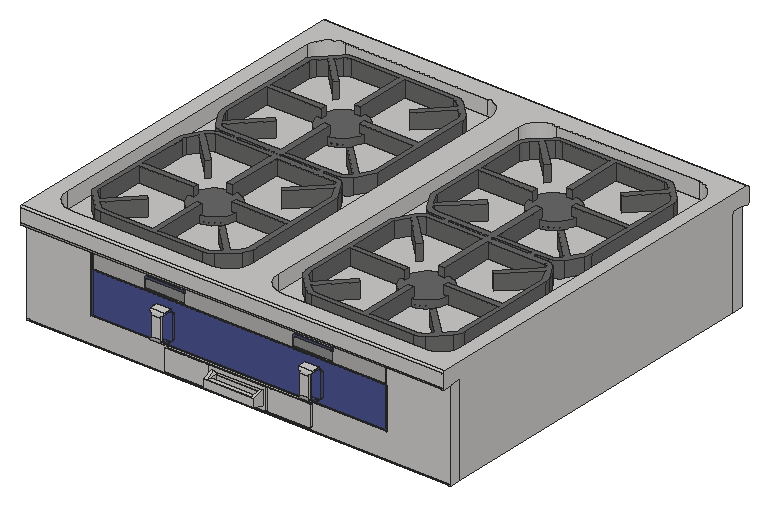
Revit family "QF_ELECTROLUXPROFESSIONAL_589084_MCGHACJOPI", category Specialty Equipment, Revit 2018 (continued)
Definition of nested family "EG_900_1000_Double Range Control Handle Front Panel"
  Definition of nested family "glass conrol panel"
    Reference planes
      plane 3 "Center (Left/Right)": x = 0
    Forms (mm)
      Extrusion 1, solid
        sketch origin (378.286, 0, 0.617) x (1, 0, 0) y (0, 0, 1)
          loop
            line (-728.286, 806.791) -> (-728.286, 708.497) -> (-28.286, 708.497) -> (-28.286, 806.791) -> (-728.286, 806.791)
        from 300.031 to 304.8
      Extrusion 2, solid
        sketch origin (378.286, 0, 0.617) x (1, 0, 0) y (0, 0, 1)
          loop
            line (-728.286, 850.497) -> (-728.286, 806.791) -> (-28.286, 806.791) -> (-28.286, 850.497) -> (-728.286, 850.497)
        from 300.031 to 304.8
      Extrusion 3, void
        sketch origin (378.286, 0, 0.617) x (1, 0, 0) y (0, 0, 1)
          loop
            line (-725.628, 847.565) -> (-725.628, 710.699) -> (-31.196, 710.699) -> (-31.196, 847.565) -> (-725.628, 847.565)
        from 303.697 to 304.8
      Extrusion 4, solid
        sketch origin (-483.309, 1.101, -0.633) x (-1, 0, 0) y (0, 0, -1)
          loop
            line (-261.431, -812.62) -> (-355.186, -812.62) -> (-355.186, -834.177) -> (-350.269, -834.177) -> (-348.469, -835.977) -> (-268.039, -835.977) -> (-266.24, -834.177) -> (-261.431, -834.177) -> (-261.431, -812.62)
        from 304.798 to 306.745
      Extrusion 5, solid
        sketch origin (-483.309, 1.101, -0.633) x (-1, 0, 0) y (0, 0, -1)
          loop
            line (-350.269, -834.177) -> (-355.078, -834.177)
            arc (-355.078, -834.177) -> (-353.942, -838.747) -> (-349.686, -840.763) r 5.5
            line (-349.686, -840.763) -> (-266.98, -840.763)
            arc (-266.98, -840.763) -> (-262.706, -838.752) -> (-261.529, -834.177) r 5.549
            line (-261.529, -834.177) -> (-266.24, -834.177) -> (-268.039, -835.977) -> (-348.469, -835.977) -> (-350.269, -834.177)
        from 304.798 to 306.745
      Extrusion 6, solid
        sketch origin (483.309, 1.101, -0.633) x (1, 0, 0) y (0, 0, 1)
          loop
            line (-261.431, 812.62) -> (-261.431, 834.177) -> (-266.24, 834.177) -> (-268.039, 835.977) -> (-348.469, 835.977) -> (-350.269, 834.177) -> (-355.186, 834.177) -> (-355.186, 812.62) -> (-261.431, 812.62)
        from 304.798 to 306.745
      Extrusion 7, solid
        sketch origin (483.309, 1.101, -0.633) x (1, 0, 0) y (0, 0, 1)
          loop
            line (-350.269, 834.177) -> (-348.469, 835.977) -> (-268.039, 835.977) -> (-266.24, 834.177) -> (-261.529, 834.177)
            arc (-261.529, 834.177) -> (-262.706, 838.752) -> (-266.98, 840.763) r 5.549
            line (-266.98, 840.763) -> (-349.686, 840.763)
            arc (-349.686, 840.763) -> (-353.942, 838.747) -> (-355.078, 834.177) r 5.5
            line (-355.078, 834.177) -> (-350.269, 834.177)
        from 304.798 to 306.745
    Cuts and joins
      Extrusion 3 cuts Extrusion 1
      Extrusion 3 cuts Extrusion 2
    Dimensions and locks
      aligned and locked: Extrusion 1 to Extrusion 2
      aligned and locked: Extrusion 5 sketch curve to Extrusion 4  (x5)
      aligned and locked: Extrusion 5 to Extrusion 4
      aligned and locked: Extrusion 7 sketch curve to Extrusion 6  (x4)
      aligned and locked: Extrusion 6 to Extrusion 7 sketch curve
      aligned and locked: Extrusion 7 to Extrusion 6
  Definition of nested family "grease trap door"
    Reference planes
      plane 1 "Center (Front/Back)": y = 0
      plane 2: z = 0
      plane 3 "Center (Left/Right)": x = 0
      plane 4: y = -20
    Forms (mm)
      Extrusion 1, solid
        sketch origin (1627.55, 854.203, -1.25) x (1, 0, 0) y (0, 0, 1)
          loop
            arc (-1627.55, 661.235) -> (-1626.972, 659.84) -> (-1625.577, 659.262) r 1.973
            line (-1625.577, 659.262) -> (-1494.325, 659.262)
            arc (-1494.325, 659.262) -> (-1492.156, 660.16) -> (-1491.258, 662.329) r 3.067
            line (-1491.258, 662.329) -> (-1491.258, 708.803)
            arc (-1491.258, 708.803) -> (-1492.414, 710.143) -> (-1494.111, 710.642) r 3.133
            line (-1494.111, 710.642) -> (-1625.486, 710.642)
            arc (-1625.486, 710.642) -> (-1626.945, 710.038) -> (-1627.55, 708.579) r 2.063
            line (-1627.55, 708.579) -> (-1627.55, 661.235)
        from 856.795 to 859.203
      Extrusion 2, solid
        sketch origin (445.874, 2476.61, 0) x (0, 1, 0) y (0, 0, 1)
          loop
            line (-2506.377, 675.273) -> (-2481.61, 667.505) -> (-2481.61, 700.995) -> (-2506.377, 693.227) -> (-2506.377, 675.273)
        from -437.68 to -317.68
      Extrusion 3, void
        sketch origin (1627.55, 854.203, -1.25) x (1, 0, 0) y (0, 0, 1)
          loop
            line (-1614.883, 703) -> (-1610.542, 695.433) -> (-1508.17, 695.433) -> (-1503.828, 703) -> (-1614.883, 703)
          loop
            line (-1614.883, 668) -> (-1502.669, 668) -> (-1507.01, 675.567) -> (-1610.542, 675.567) -> (-1614.883, 668)
        from 832.916 to 883.97
      Extrusion 4, void
        sketch origin (447.55, 854.203, -1.25) x (1, 0, 0) y (0, 0, 1)
          loop
            line (-430.542, 695.433) -> (-430.542, 675.567) -> (-328.17, 675.567) -> (-328.17, 695.433) -> (-430.542, 695.433)
        from 859.203 to 874.202
      Extrusion 5, solid
        sketch origin (1627.55, 854.203, -1.25) x (1, 0, 0) y (0, 0, 1)
          loop
            arc (-1731.556, 661.235) -> (-1730.978, 659.84) -> (-1729.583, 659.262) r 1.973
            line (-1729.583, 659.262) -> (-1390.623, 659.262)
            arc (-1390.623, 659.262) -> (-1388.454, 660.16) -> (-1387.556, 662.329) r 3.067
            line (-1387.556, 662.329) -> (-1387.556, 708.803)
            arc (-1387.556, 708.803) -> (-1388.712, 710.143) -> (-1390.409, 710.642) r 3.133
            line (-1390.409, 710.642) -> (-1729.493, 710.642)
            arc (-1729.493, 710.642) -> (-1730.952, 710.038) -> (-1731.556, 708.579) r 2.063
            line (-1731.556, 708.579) -> (-1731.556, 661.235)
        from 854.203 to 856.795
    Cuts and joins
      Extrusion 3 cuts Extrusion 1
      Extrusion 3, Extrusion 4 cuts Extrusion 2
      joined: Extrusion 1, Extrusion 2
    Lines and regions (mm)
      model lines
        curve 1: line (67.599, 0, 658.012) -> (67.599, 0, 709.392)
      symbolic lines
        curve 2: line (8.194, -20, 0) -> (8.194, -29.767, 0)
        curve 3: line (8.194, -29.767, 0) -> (128.194, -29.767, 0)
        curve 4: line (128.194, -29.767, 0) -> (128.194, -20, 0)
    Dimensions and locks
      aligned and locked: Extrusion 2 to Extrusion 1
      aligned and locked: Extrusion 3 to Extrusion 2
      aligned and locked: Extrusion 4 to Extrusion 1
